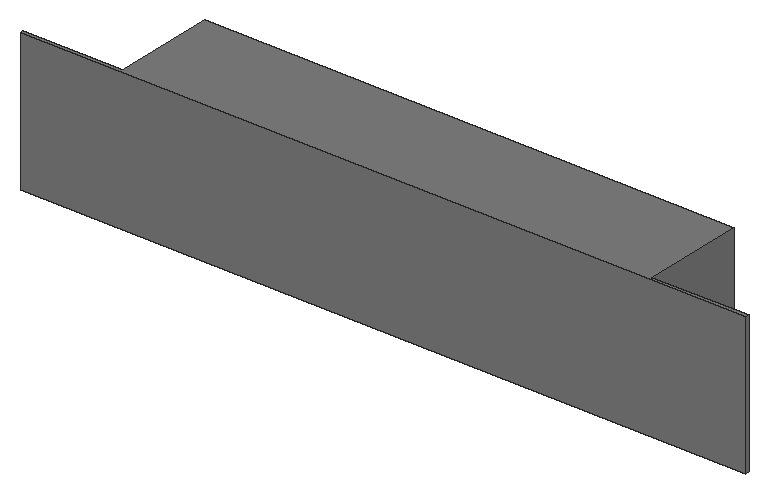
Revit family "700", category Generic Models, Revit 2021
Family settings
  Can host rebar = No
  Round Connector Dimension = Use Diameter
  Part Type = Normal
  Work Plane-Based = No
  Always vertical = Yes
  Cut with Voids When Loaded = No
  Shared = No
  Room Calculation Point = No
Parameters
  e-mail = "info@vola.com"
  URL = "http://vola.com"
  Telephone = "+45 7023 5500"
  Quality management standard = "ISO 9001"
  Organisation no. / DUNS no. = "17531328"
  Occupational health and safety management standard = "ISO 18001"
  Mounting Instructions = "http://vola.com/service/producturl.ashx?name=700"
  Model = "700"
  Materials and components information = "http://vola.com/service/producturl.ashx?name=700"
  Manufacturer = "VOLA A/S"
  Maintenance Instructions = "http://vola.com/service/producturl.ashx?name=700"
  Guarantee = "2 years"
  Flow = "65,00 l/min"
  Environmental management standard = "ISO 14000"
  Default Elevation = 0.00 mm
  Connection - All relevant connections = ""
  Approvals = "http://vola.com/service/producturl.ashx?name=700"
Reference planes
  plane 1 "Center (Front/Back)": y = 0
  plane 2: z = 0
  plane 3 "Center (Left/Right)": x = 0
  plane 4 "Inlet Center Plane": y = -23.5
  plane 5: z = 55
Forms (mm)
  Extrusion 1, solid, material "Default"
    sketch origin (0, 0, -14) x (1, 0, 0) y (0, 1, 0)
      loop
        line (-137.5, 0) -> (-137.5, -69) -> (220.5, -69) -> (220.5, 0) -> (-137.5, 0)
    from 21.5 to 116.5
  Extrusion 2, solid, material "Stainless Steel"
    sketch origin (51, 1.5, 7.5) x (0, 1, 0) y (1, 0, 0)
      loop
        circle (-25, -12) r 14
    from 0 to 7.5
  Extrusion 3, solid, material "Default"
    sketch origin (0, -1, -14) x (1, 0, 0) y (0, 1, 0)
      loop
        line (-205, -68) -> (-205, -70.5) -> (285.5, -70.5) -> (285.5, -68) -> (-205, -68)
    from 21.5 to 116.5
  Extrusion 4, solid, material "Stainless Steel"
    sketch origin (-27, 1.5, 7.5) x (0, 1, 0) y (1, 0, 0)
      loop
        circle (-25, -12) r 14
    from 0 to 7.5
Cuts and joins
  joined: Extrusion 1, Extrusion 3
Lines and regions (mm)
  reference lines
    curve 1: line (-39, -23.5, 55) -> (-39, -108.5, 55)
    curve 2: line (39, -23.5, 55) -> (39, -108.5, 55)
    curve 3: line (39, -23.5, 55) -> (39, -23.5, -44)
    curve 4: line (-39, -23.5, 55) -> (-39, -23.5, -44)
Dimensions and locks
  aligned and locked: plane 2 to level
  aligned and locked: plane 5 to curve 3
  aligned and locked: Extrusion 1 to Extrusion 3
  aligned and locked: Extrusion 3 to Extrusion 1
  aligned and locked: plane 5 to curve 4
